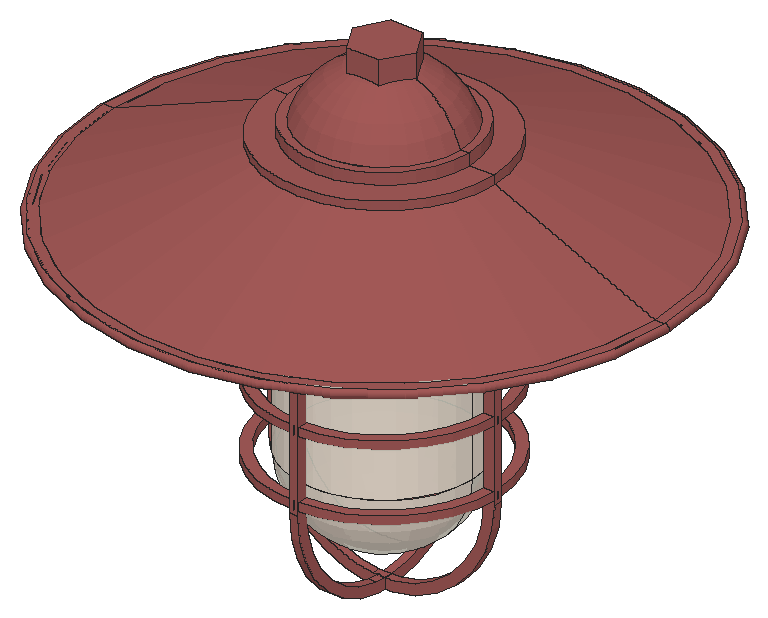
Revit family "DB2", category Lighting Fixtures, Revit 2024
Family settings
  Round Connector Dimension = Use Diameter
  Part Type = Normal
  OmniClass Number = 23.80.70.00
  OmniClass Title = Lighting
  Work Plane-Based = No
  Always vertical = Yes
  Cut with Voids When Loaded = No
  Light Source = No
  Maintain Annotation Orientation = No
  Shared = No
  Room Calculation Point = No
Parameters
  Default Elevation = 0' - 0"
Reference planes (in)
  plane 1 "Light Source Axis (F/B)": y = 0
  plane 2: z = 0
  plane 3 "Light Source Axis (L/R)": x = 0
  plane 4 "Light Source Elevation": z = 54
Forms (in)
  Extrusion 1, solid, material "53"
    sketch origin (6.84003, -9.34798, 53.97359) x (0, 1, 0) y (-1, 0, 0)
      loop
        line (9.36163, 6.05272) -> (10.04346, 6.44638) -> (10.04346, 7.23369) -> (9.36163, 7.62734) -> (8.6798, 7.23369) -> (8.6798, 6.44638) -> (9.36163, 6.05272)
    from 11.40009 to 12.047
  Revolve 2, solid, material "53"
    sketch origin (6.84003, 0, -20.93302) x (1, 0, 0) y (0, 0, 1)
      loop
        line (-4.13334, 84.43302) -> (-4.13334, 84.93302) -> (-4.74874, 84.93302) -> (-4.74874, 85.21325) -> (-4.95787, 85.21325)
        arc (-4.95787, 85.21325) -> (-5.68385, 86.18629) -> (-6.84003, 86.55656) r 1.99024
        line (-6.84003, 86.55656) -> (-6.84003, 86.46281)
        arc (-6.84003, 86.46281) -> (-5.71141, 86.09042) -> (-5.02601, 85.1195) r 1.89649
        line (-5.02601, 85.1195) -> (-4.84249, 85.1195) -> (-4.84249, 84.83927) -> (-4.22709, 84.83927) -> (-4.22709, 84.52677) -> (-4.39628, 84.52677) -> (-4.39628, 83.77677) -> (-4.62769, 83.77677) -> (-4.62769, 83.68302) -> (-4.30253, 83.68302) -> (-4.30253, 84.43302) -> (-4.13334, 84.43302)
      loop
        line (-4.66282, 78.03154) -> (-4.66282, 84.43302) -> (-4.75657, 84.43302) -> (-4.75657, 78.0333)
        arc (-4.75657, 78.0333) -> (-5.39398, 76.61211) -> (-6.83922, 76.03129) r 2.08125
        line (-6.83922, 76.03129) -> (-6.83922, 75.93754)
        arc (-6.83922, 75.93754) -> (-5.32832, 76.5452) -> (-4.66282, 78.03154) r 2.175
      loop
        line (-4.30253, 82.78302) -> (-4.05253, 82.78302) -> (-4.05253, 82.98302) -> (-4.30253, 82.98302) -> (-4.30253, 82.78302)
      loop
        line (-4.30253, 81.13302) -> (-4.05253, 81.13302) -> (-4.05253, 81.33302) -> (-4.30253, 81.33302) -> (-4.30253, 81.13302)
      loop
        line (-4.30253, 79.48302) -> (-4.05253, 79.48302) -> (-4.05253, 79.68302) -> (-4.30253, 79.68302) -> (-4.30253, 79.48302)
      loop
        line (-4.30253, 77.83302) -> (-4.05253, 77.83302) -> (-4.05253, 78.03302) -> (-4.30253, 78.03302) -> (-4.30253, 77.83302)
      axis (-6.84003, 86.55656) -> (-6.84003, 75.93754)
    angle from 0 to 360
  Extrusion 3, solid, material "53"
    sketch origin (6.84003, -1.34798, -20.93302) x (1, 0, 0) y (0, 0, 1)
      loop
        line (-4.05253, 77.72052) -> (-4.05253, 84.43302) -> (-4.30253, 84.43302) -> (-4.30253, 77.72052)
        arc (-4.30253, 77.72052) -> (-5.12109, 75.85393) -> (-7.04867, 75.19161) r 2.5375
        arc (-7.04867, 75.19161) -> (-8.70662, 76.00158) -> (-9.37753, 77.72052) r 2.5375
        line (-9.37753, 77.72052) -> (-9.37753, 84.43302) -> (-9.62753, 84.43302) -> (-9.62753, 77.72052)
        arc (-9.62753, 77.72052) -> (-6.84003, 74.93302) -> (-4.05253, 77.72052) r 2.7875
    from -1.44798 to -1.24798
  Extrusion 4, solid, material "53"
    sketch origin (5.40871, -9.34798, -20.93302) x (0, -1, 0) y (0, 0, 1)
      loop
        arc (-12.13548, 77.72052) -> (-9.34798, 74.93302) -> (-6.56048, 77.72052) r 2.7875
        line (-6.56048, 77.72052) -> (-6.56048, 84.43302) -> (-6.81048, 84.43302) -> (-6.81048, 77.72052)
        arc (-6.81048, 77.72052) -> (-7.42922, 76.06001) -> (-8.98371, 75.2093) r 2.5375
        arc (-8.98371, 75.2093) -> (-11.00849, 75.80176) -> (-11.88548, 77.72052) r 2.5375
        line (-11.88548, 77.72052) -> (-11.88548, 84.43302) -> (-12.13548, 84.43302) -> (-12.13548, 77.72052)
    from 5.30871 to 5.50871
  Revolve 5, solid, material "75"
    sketch origin (0, 0, 0) x (1, 0, 0) y (0, 0, 1)
      loop
        arc (6.8002, 62.10625) -> (6.96847, 62.02711) -> (6.9, 62.2) r 0.1
        line (6.9, 62.2) -> (6.65333, 62.2) -> (2.6362, 63.82858) -> (2.67147, 63.71312) -> (6.63505, 62.10625) -> (6.8002, 62.10625)
      axis (0, 62.10625) -> (0, 63.82858)
    angle from 0 to 360
Dimensions and locks (in)
  aligned and locked: level to plane 2
